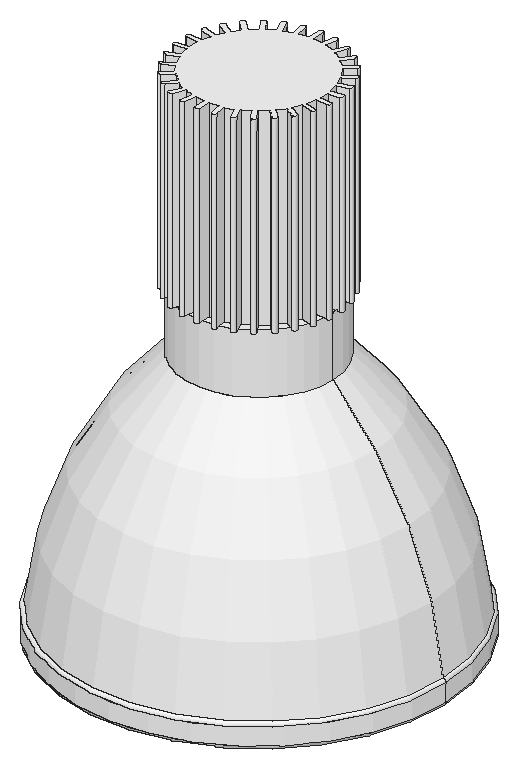
Revit family "CD12", category Lighting Fixtures, Revit 2024
Family settings
  Round Connector Dimension = Use Diameter
  Part Type = Normal
  OmniClass Number = 23.80.70.00
  OmniClass Title = Lighting
  Work Plane-Based = No
  Always vertical = Yes
  Cut with Voids When Loaded = No
  Light Source = No
  Maintain Annotation Orientation = No
  Shared = No
  Room Calculation Point = No
Parameters
  Default Elevation = 0' - 0"
Reference planes (in)
  plane 1 "Light Source Axis (F/B)": y = 0
  plane 2: z = 0
  plane 3 "Light Source Axis (L/R)": x = 0
  plane 4 "Light Source Elevation": z = 54
Forms (in)
  Sweep 1, solid, material "GLASS SHADE", not visible
    path origin (75.968, 0, 0.00093) x (1, 0, 0) y (0, 0, 1)
      loop
        arc (-4.5864, 68.3252) -> (-8.91952, 61.72019) -> (-10.59309, 54) r 21.63816
    profile origin (67.04848, 0, 61.72112) x (0.922209, 0, -0.386691) y (0, -1, 0)
      loop
        circle (0, 0) r 0.03125
  Revolve 2, solid, material "44"
    sketch origin (0, 0, 0) x (1, 0, 0) y (0, 0, 1)
      loop
        line (1.9772, 62.3666) -> (0.38147, 62.3666) -> (0.38147, 62.27285) -> (1.88345, 62.27285) -> (1.88345, 60.71932)
        arc (1.88345, 60.71932) -> (3.92428, 57.95052) -> (4.82061, 54.62969) r 9.311
        line (4.82061, 54.62969) -> (4.90625, 54.55106) -> (4.90625, 54.00036)
        arc (4.90625, 54.00036) -> (4.972, 54.02246) -> (5, 54.08592) r 0.08592
        line (5, 54.08592) -> (5, 54.55106)
        arc (5, 54.55106) -> (4.97483, 54.61182) -> (4.91408, 54.63698) r 0.08592
        arc (4.91408, 54.63698) -> (4.01759, 57.97282) -> (1.9772, 60.76) r 9.40475
        line (1.9772, 60.76) -> (1.9772, 62.3666)
      axis (0, 54.00036) -> (0, 62.3666)
    angle from 0 to 360
  Extrusion 3, solid, material "44"
    sketch origin (-24.73014, -12.38706, 62.3666) x (1, 0, 0) y (0, 1, 0)
      loop
        arc (24.66764, 14.13595) -> (24.54722, 14.12748) -> (24.42767, 14.11072) r 1.75
        line (24.42767, 14.11072) -> (24.36246, 14.41749)
        arc (24.36246, 14.41749) -> (24.28833, 14.46563) -> (24.24019, 14.3915) r 0.0625
        line (24.24019, 14.3915) -> (24.3054, 14.08474)
        arc (24.3054, 14.08474) -> (24.18936, 14.05141) -> (24.07591, 14.01017) r 1.75
        line (24.07591, 14.01017) -> (23.94835, 14.29667)
        arc (23.94835, 14.29667) -> (23.86583, 14.32835) -> (23.83415, 14.24583) r 0.0625
        line (23.83415, 14.24583) -> (23.96171, 13.95933)
        arc (23.96171, 13.95933) -> (23.85514, 13.90261) -> (23.75274, 13.83868) r 1.75
        line (23.75274, 13.83868) -> (23.5684, 14.0924)
        arc (23.5684, 14.0924) -> (23.4811, 14.10622) -> (23.46727, 14.01892) r 0.0625
        line (23.46727, 14.01892) -> (23.65161, 13.7652)
        arc (23.65161, 13.7652) -> (23.55917, 13.68757) -> (23.47229, 13.60374) r 1.75
        line (23.47229, 13.60374) -> (23.23923, 13.81359)
        arc (23.23923, 13.81359) -> (23.15096, 13.80897) -> (23.15559, 13.7207) r 0.0625
        line (23.15559, 13.7207) -> (23.38865, 13.51085)
        arc (23.38865, 13.51085) -> (23.31436, 13.41569) -> (23.24682, 13.31563) r 1.75
        line (23.24682, 13.31563) -> (22.97522, 13.47244)
        arc (22.97522, 13.47244) -> (22.88984, 13.44956) -> (22.91272, 13.36419) r 0.0625
        line (22.91272, 13.36419) -> (23.18432, 13.20738)
        arc (23.18432, 13.20738) -> (23.13144, 13.09885) -> (23.08617, 12.98694) r 1.75
        line (23.08617, 12.98694) -> (22.7879, 13.08385)
        arc (22.7879, 13.08385) -> (22.70915, 13.04372) -> (22.74928, 12.96497) r 0.0625
        line (22.74928, 12.96497) -> (23.04754, 12.86806)
        arc (23.04754, 12.86806) -> (23.01839, 12.75091) -> (22.99737, 12.63203) r 1.75
        line (22.99737, 12.63203) -> (22.68548, 12.66481)
        arc (22.68548, 12.66481) -> (22.61679, 12.60919) -> (22.67241, 12.5405) r 0.0625
        line (22.67241, 12.5405) -> (22.98431, 12.50771)
        arc (22.98431, 12.50771) -> (22.98014, 12.38706) -> (22.98431, 12.26641) r 1.75
        line (22.98431, 12.26641) -> (22.67241, 12.23363)
        arc (22.67241, 12.23363) -> (22.61679, 12.16494) -> (22.68548, 12.10932) r 0.0625
        line (22.68548, 12.10932) -> (22.99737, 12.1421)
        arc (22.99737, 12.1421) -> (23.01839, 12.02322) -> (23.04754, 11.90607) r 1.75
        line (23.04754, 11.90607) -> (22.74928, 11.80916)
        arc (22.74928, 11.80916) -> (22.70915, 11.7304) -> (22.7879, 11.69027) r 0.0625
        line (22.7879, 11.69027) -> (23.08617, 11.78719)
        arc (23.08617, 11.78719) -> (23.13144, 11.67527) -> (23.18432, 11.56675) r 1.75
        line (23.18432, 11.56675) -> (22.91272, 11.40994)
        arc (22.91272, 11.40994) -> (22.88984, 11.32456) -> (22.97522, 11.30169) r 0.0625
        line (22.97522, 11.30169) -> (23.24682, 11.45849)
        arc (23.24682, 11.45849) -> (23.31436, 11.35844) -> (23.38865, 11.26328) r 1.75
        line (23.38865, 11.26328) -> (23.15559, 11.05343)
        arc (23.15559, 11.05343) -> (23.15096, 10.96516) -> (23.23923, 10.96053) r 0.0625
        line (23.23923, 10.96053) -> (23.47229, 11.17039)
        arc (23.47229, 11.17039) -> (23.55917, 11.08656) -> (23.65161, 11.00892) r 1.75
        line (23.65161, 11.00892) -> (23.46727, 10.7552)
        arc (23.46727, 10.7552) -> (23.4811, 10.6679) -> (23.5684, 10.68173) r 0.0625
        line (23.5684, 10.68173) -> (23.75274, 10.93545)
        arc (23.75274, 10.93545) -> (23.85514, 10.87152) -> (23.96171, 10.8148) r 1.75
        line (23.96171, 10.8148) -> (23.83415, 10.5283)
        arc (23.83415, 10.5283) -> (23.86583, 10.44578) -> (23.94835, 10.47745) r 0.0625
        line (23.94835, 10.47745) -> (24.07591, 10.76396)
        arc (24.07591, 10.76396) -> (24.18936, 10.72271) -> (24.3054, 10.68939) r 1.75
        line (24.3054, 10.68939) -> (24.24019, 10.38263)
        arc (24.24019, 10.38263) -> (24.28833, 10.3085) -> (24.36246, 10.35664) r 0.0625
        line (24.36246, 10.35664) -> (24.42767, 10.6634)
        arc (24.42767, 10.6634) -> (24.54722, 10.64665) -> (24.66764, 10.63818) r 1.75
        line (24.66764, 10.63818) -> (24.66764, 10.32456)
        arc (24.66764, 10.32456) -> (24.73014, 10.26206) -> (24.79264, 10.32456) r 0.0625
        line (24.79264, 10.32456) -> (24.79264, 10.63818)
        arc (24.79264, 10.63818) -> (24.91307, 10.64665) -> (25.03262, 10.6634) r 1.75
        line (25.03262, 10.6634) -> (25.09783, 10.35664)
        arc (25.09783, 10.35664) -> (25.17196, 10.3085) -> (25.2201, 10.38263) r 0.0625
        line (25.2201, 10.38263) -> (25.15489, 10.68939)
        arc (25.15489, 10.68939) -> (25.27092, 10.72271) -> (25.38438, 10.76396) r 1.75
        line (25.38438, 10.76396) -> (25.51194, 10.47745)
        arc (25.51194, 10.47745) -> (25.59446, 10.44578) -> (25.62614, 10.5283) r 0.0625
        line (25.62614, 10.5283) -> (25.49858, 10.8148)
        arc (25.49858, 10.8148) -> (25.60514, 10.87152) -> (25.70755, 10.93545) r 1.75
        line (25.70755, 10.93545) -> (25.89189, 10.68173)
        arc (25.89189, 10.68173) -> (25.97919, 10.6679) -> (25.99302, 10.7552) r 0.0625
        line (25.99302, 10.7552) -> (25.80868, 11.00892)
        arc (25.80868, 11.00892) -> (25.90112, 11.08656) -> (25.988, 11.17039) r 1.75
        line (25.988, 11.17039) -> (26.22106, 10.96053)
        arc (26.22106, 10.96053) -> (26.30933, 10.96516) -> (26.3047, 11.05343) r 0.0625
        line (26.3047, 11.05343) -> (26.07164, 11.26328)
        arc (26.07164, 11.26328) -> (26.14592, 11.35844) -> (26.21347, 11.45849) r 1.75
        line (26.21347, 11.45849) -> (26.48507, 11.30169)
        arc (26.48507, 11.30169) -> (26.57045, 11.32456) -> (26.54757, 11.40994) r 0.0625
        line (26.54757, 11.40994) -> (26.27597, 11.56675)
        arc (26.27597, 11.56675) -> (26.32885, 11.67527) -> (26.37412, 11.78719) r 1.75
        line (26.37412, 11.78719) -> (26.67239, 11.69027)
        arc (26.67239, 11.69027) -> (26.75114, 11.7304) -> (26.71101, 11.80916) r 0.0625
        line (26.71101, 11.80916) -> (26.41275, 11.90607)
        arc (26.41275, 11.90607) -> (26.4419, 12.02322) -> (26.46291, 12.1421) r 1.75
        line (26.46291, 12.1421) -> (26.77481, 12.10932)
        arc (26.77481, 12.10932) -> (26.8435, 12.16494) -> (26.78788, 12.23363) r 0.0625
        line (26.78788, 12.23363) -> (26.47598, 12.26641)
        arc (26.47598, 12.26641) -> (26.48014, 12.38706) -> (26.47598, 12.50771) r 1.75
        line (26.47598, 12.50771) -> (26.78788, 12.5405)
        arc (26.78788, 12.5405) -> (26.8435, 12.60919) -> (26.77481, 12.66481) r 0.0625
        line (26.77481, 12.66481) -> (26.46291, 12.63203)
        arc (26.46291, 12.63203) -> (26.4419, 12.75091) -> (26.41275, 12.86806) r 1.75
        line (26.41275, 12.86806) -> (26.71101, 12.96497)
        arc (26.71101, 12.96497) -> (26.75114, 13.04372) -> (26.67239, 13.08385) r 0.0625
        line (26.67239, 13.08385) -> (26.37412, 12.98694)
        arc (26.37412, 12.98694) -> (26.32885, 13.09885) -> (26.27597, 13.20738) r 1.75
        line (26.27597, 13.20738) -> (26.54757, 13.36419)
        arc (26.54757, 13.36419) -> (26.57045, 13.44956) -> (26.48507, 13.47244) r 0.0625
        line (26.48507, 13.47244) -> (26.21347, 13.31563)
        arc (26.21347, 13.31563) -> (26.14592, 13.41569) -> (26.07164, 13.51085) r 1.75
        line (26.07164, 13.51085) -> (26.3047, 13.7207)
        arc (26.3047, 13.7207) -> (26.30933, 13.80897) -> (26.22106, 13.81359) r 0.0625
        line (26.22106, 13.81359) -> (25.988, 13.60374)
        arc (25.988, 13.60374) -> (25.90112, 13.68757) -> (25.80868, 13.7652) r 1.75
        line (25.80868, 13.7652) -> (25.99302, 14.01892)
        arc (25.99302, 14.01892) -> (25.97919, 14.10622) -> (25.89189, 14.0924) r 0.0625
        line (25.89189, 14.0924) -> (25.70755, 13.83868)
        arc (25.70755, 13.83868) -> (25.60514, 13.90261) -> (25.49858, 13.95933) r 1.75
        line (25.49858, 13.95933) -> (25.62614, 14.24583)
        arc (25.62614, 14.24583) -> (25.59446, 14.32835) -> (25.51194, 14.29667) r 0.0625
        line (25.51194, 14.29667) -> (25.38438, 14.01017)
        arc (25.38438, 14.01017) -> (25.27092, 14.05141) -> (25.15489, 14.08474) r 1.75
        line (25.15489, 14.08474) -> (25.2201, 14.3915)
        arc (25.2201, 14.3915) -> (25.17196, 14.46563) -> (25.09783, 14.41749) r 0.0625
        line (25.09783, 14.41749) -> (25.03262, 14.11072)
        arc (25.03262, 14.11072) -> (24.91307, 14.12748) -> (24.79264, 14.13595) r 1.75
        line (24.79264, 14.13595) -> (24.79264, 14.44956)
        arc (24.79264, 14.44956) -> (24.73014, 14.51206) -> (24.66764, 14.44956) r 0.0625
        line (24.66764, 14.44956) -> (24.66764, 14.13595)
    from 0 to 5.1334
Dimensions and locks (in)
  aligned and locked: level to plane 2
